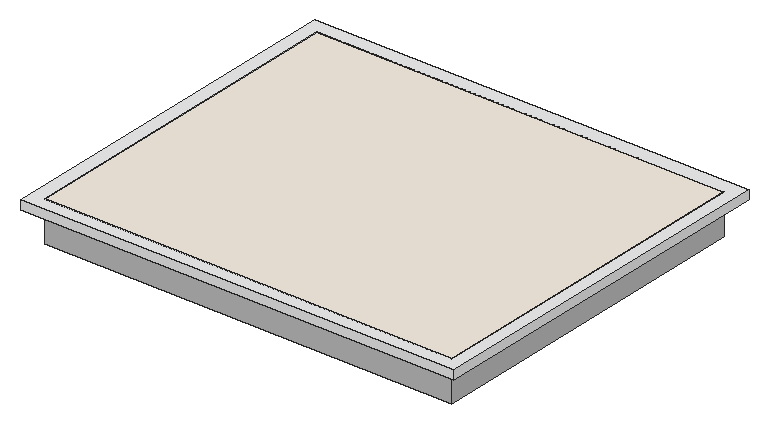
Revit family "Lighting-Industrial-GEWISS-ELIA-HL-LED_HIGHBAY", category Apparecchi per illuminazione, host Superficie, Revit 2019 (continued)
Types (12, lengths in mm): name | Weight (kg): | Weight (kg) | Voltage | Technical sheet | System power | Optic | built-in parameter 1150142 | Lumen output (lm) | Model | IDT | File diagramma fotometrico | Description
  GWF1000QH840 - ELIA HL L2 60° 4000K S.ALONE ON/OFF | "4,3" | "4,3" | "100-240 V " | "https://www.gewiss.com/ww/en/search?q=GWF1100VC869" | "200W" | "60°" | "IESNA:LM-63-1995\r\n[TEST] HB25-120-4080-60D-H00111\r\n[DATE] 27 Nov 2019\r\n[MANUFAC] GEWISS\r\n[LUMCAT] GWF1000QH840\r\n[LUMINAIRE] ELIA HL - L2 60° LED840 200W\r\n[FLASHAREA] 0.013851\r\n[LAMPCAT] LED 200W/27850lm\r\n[LAMP] LED 200W/27850lm\r\nTILT=NONE\r\n1 27850.00 1.0 181 37 1 2 -0.270 0.000 0.000\r\n1.00 1.00 200.00\r\n0.00 0.50 1.00 1.50 2.00 2.50 3.00 3.50 4.00 4.50 5.00 \r\n5.50 6.00 6.50 7.00 7.50 8.00 8.50 9.00 9.50 10.00 10.50 \r\n11.00 11.50 12.00 12.50 13.00 13.50 14.00 14.50 15.00 \r\n15.50 16.00 16.50 17.00 17.50 18.00 18.50 19.00 19.50 \r\n20.00 20.50 21.00 21.50 22.00 22.50 23.00 23.50 24.00 \r\n24.50 25.00 25.50 26.00 26.50 27.00 27.50 28.00 28.50 \r\n29.00 29.50 30.00 30.50 31.00 31.50 32.00 32.50 33.00 \r\n33.50 34.00 34.50 35.00 35.50 36.00 36.50 37.00 37.50 \r\n38.00 38.50 39.00 39.50 40.00 40.50 41.00 41.50 42.00 \r\n42.50 43.00 43.50 44.00 44.50 45.00 45.50 46.00 46.50 \r\n47.00 47.50 48.00 48.50 49.00 49.50 50.00 50.50 51.00 \r\n51.50 52.00 52.50 53.00 53.50 54.00 54.50 55.00 55.50 \r\n56.00 56.50 57.00 57.50 58.00 58.50 59.00 59.50 60.00 \r\n60.50 61.00 61.50 62.00 62.50 63.00 63.50 64.00 64.50 \r\n65.00 65.50 66.00 66.50 67.00 67.50 68.00 68.50 69.00 \r\n69.50 70.00 70.50 71.00 71.50 72.00 72.50 73.00 73.50 \r\n74.00 74.50 75.00 75.50 76.00 76.50 77.00 77.50 78.00 \r\n78.50 79.00 79.50 80.00 80.50 81.00 81.50 82.00 82.50 \r\n83.00 83.50 84.00 84.50 85.00 85.50 86.00 86.50 87.00 \r\n87.50 88.00 88.50 89.00 89.50 90.00 \r\n0.00 2.50 5.00 7.50 10.00 12.50 15.00 17.50 20.00 22.50 \r\n25.00 27.50 30.00 32.50 35.00 37.50 40.00 42.50 45.00 \r\n47.50 50.00 52.50 55.00 57.50 60.00 62.50 65.00 67.50 \r\n70.00 72.50 75.00 77.50 80.00 82.50 85.00 87.50 90.00 \r\n20514.31 20514.31 20505.95 20492.03 20469.75 20441.90 \r\n20414.05 20383.42 20347.21 20308.22 20266.45 20221.89 \r\n20171.76 20118.84 20057.57 19993.51 19921.10 19845.91 \r\n19767.93 19684.38 19598.05 19508.92 19414.24 19319.55 \r\n19222.07 19121.81 19018.76 18910.15 18798.75 18681.78 \r\n18559.24 18431.13 18297.45 18163.77 18027.31 17888.06 \r\n17746.02 17601.20 17453.60 17308.78 17158.39 17002.42 \r\n16838.11 16665.44 16484.42 16295.04 16097.30 15888.43 \r\n15676.76 15462.32 15242.31 15011.15 14774.43 14534.92 \r\n14284.26 14008.55 13716.13 13406.99 13089.50 12772.01 \r\n12451.74 12128.68 11808.40 11493.69 11190.13 10897.71 \r\n10613.64 10337.92 10067.77 9803.20 9538.63 9276.84 \r\n9015.05 8753.26 8497.04 8246.39 8001.31 7756.23 7516.72 \r\n7282.78 7057.19 6837.18 6625.52 6419.43 6218.91 6012.82 \r\n5806.73 5606.21 5414.04 5227.44 5046.42 4873.75 4706.65 \r\n4545.12 4383.59 4222.06 4063.32 3912.93 3768.11 3620.50 \r\n3481.25 3350.36 3227.82 3110.85 2996.66 2890.83 2787.78 \r\n2683.90 2581.97 2488.12 2398.16 2309.04 2221.87 2135.26 \r\n2051.15 1971.78 1895.47 1821.11 1750.37 1686.32 1625.05 \r\n1561.83 1500.56 1445.69 1393.34 1341.81 1291.40 1241.27 \r\n1193.65 1152.43 1112.61 1068.88 1025.72 987.28 950.80 \r\n914.32 880.06 851.65 824.64 795.40 765.04 732.73 699.87 \r\n667.56 637.49 611.86 589.31 568.70 548.64 524.97 501.02 \r\n478.74 458.13 439.19 421.93 406.89 394.91 387.95 381.82 \r\n373.19 360.94 342.00 320.83 300.50 280.17 259.76 238.37 \r\n214.75 189.85 164.09 137.89 111.01 85.95 65.48 48.24 \r\n33.64 22.04 13.82 8.42 5.32 4.70 \r\n20514.31 20514.31 20505.95 20492.03 20471.14 20443.29 \r\n20414.05 20382.02 20348.60 20309.61 20266.45 20221.89 \r\n20171.76 20116.06 20056.18 19989.34 19918.32 19844.52 \r\n19765.15 19681.60 19598.05 19507.53 19415.63 19320.94 \r\n19226.25 19125.99 19020.16 18911.54 18800.14 18683.17 \r\n18560.63 18431.13 18298.84 18165.16 18028.70 17889.45 \r\n17747.41 17602.59 17456.38 17310.17 17159.78 17003.82 \r\n16840.90 16669.62 16488.59 16296.43 16097.30 15889.82 \r\n15676.76 15462.32 15242.31 15012.54 14777.21 14537.70 \r\n14285.66 14011.34 13718.91 13411.17 13095.07 12774.80 \r\n12455.91 12134.25 11818.15 11506.23 11202.66 10908.84 \r\n10626.17 10346.27 10074.74 9808.77 9544.19 9279.62 \r\n9017.83 8756.04 8497.04 8246.39 7999.91 7759.01 7520.89 \r\n7289.74 7064.15 6844.14 6631.09 6424.99 6223.08 6016.99 \r\n5812.30 5610.38 5414.04 5226.05 5043.64 4869.57 4699.69 \r\n4535.37 4375.23 4212.31 4053.57 3903.18 3756.97 3610.75 \r\n3471.50 3343.39 3220.85 3102.49 2991.09 2883.87 2781.10 \r\n2676.94 2575.85 2481.85 2391.76 2303.20 2216.30 2130.11 \r\n2046.14 1966.07 1888.93 1814.43 1743.69 1679.49 1617.81 \r\n1555.14 1494.71 1439.43 1387.07 1335.55 1285.42 1235.70 \r\n1188.36 1147.28 1107.46 1064.57 1022.37 984.36 948.15 \r\n911.53 877.14 847.89 820.32 791.50 761.84 730.64 698.90 \r\n667.29 637.35 611.17 587.50 566.61 546.14 523.02 499.77 \r\n478.18 457.71 438.64 421.51 406.61 394.50 387.12 380.85 \r\n372.63 361.08 342.00 320.55 300.64 280.31 260.11 238.80 \r\n215.14 190.23 164.59 138.65 112.31 87.64 67.02 49.38 \r\n34.39 22.46 14.09 8.61 5.42 4.71 \r\n20514.31 20514.31 20505.95 20492.03 20471.14 20444.69 \r\n20414.05 20383.42 20348.60 20309.61 20266.45 20219.10 \r\n20170.36 20113.27 20052.00 19986.55 19915.53 19840.34 \r\n19760.97 19681.60 19595.26 19507.53 19417.02 19323.72 \r\n19226.25 19127.38 19021.55 18912.94 18801.53 18683.17 \r\n18560.63 18432.52 18298.84 18165.16 18027.31 17888.06 \r\n17746.02 17603.99 17457.77 17311.56 17161.17 17006.60 \r\n16843.68 16671.01 16489.99 16297.82 16098.69 15889.82 \r\n15676.76 15460.93 15240.91 15013.94 14778.60 14539.09 \r\n14287.05 14012.73 13721.69 13413.95 13096.46 12777.58 \r\n12455.91 12138.42 11825.11 11515.98 11213.80 10921.38 \r\n10635.91 10354.63 10080.31 9811.56 9548.37 9282.41 \r\n9017.83 8756.04 8497.04 8244.99 7999.91 7757.62 7522.29 \r\n7292.52 7066.94 6849.71 6636.66 6430.57 6227.26 6019.78 \r\n5812.30 5610.38 5412.65 5223.27 5039.46 4862.61 4691.33 \r\n4527.02 4364.10 4201.17 4042.43 3892.04 3745.83 3601.01 \r\n3463.15 3333.65 3212.50 3094.14 2982.74 2875.51 2772.33 \r\n2669.00 2568.74 2474.61 2384.10 2295.81 2209.62 2123.84 \r\n2040.29 1959.53 1881.69 1807.05 1736.59 1671.97 1610.15 \r\n1547.90 1488.03 1432.88 1380.25 1329.00 1278.87 1229.58 \r\n1182.79 1141.43 1101.75 1059.55 1018.20 980.88 944.81 \r\n908.61 874.07 843.99 815.59 787.04 758.22 728.00 697.50 \r\n666.59 636.79 610.05 585.55 564.10 543.63 520.93 498.51 \r\n477.07 456.88 437.94 420.81 406.05 394.08 386.56 380.01 \r\n372.08 360.80 341.86 320.41 300.64 280.59 260.40 239.18 \r\n215.48 190.55 165.03 139.31 113.45 89.13 68.33 50.34 \r\n35.04 22.83 14.33 8.78 5.50 4.72 \r\n20514.31 20514.31 20505.95 20493.42 20472.54 20444.69 \r\n20415.44 20383.42 20347.21 20308.22 20265.05 20217.71 \r\n20167.58 20110.49 20047.82 19982.38 19912.75 19837.56 \r\n19759.58 19677.42 19595.26 19507.53 19417.02 19323.72 \r\n19227.64 19127.38 19024.34 18915.72 18801.53 18684.56 \r\n18560.63 18431.13 18298.84 18163.77 18027.31 17888.06 \r\n17747.41 17602.59 17457.77 17312.95 17162.56 17008.00 \r\n16845.07 16672.40 16489.99 16297.82 16097.30 15889.82 \r\n15676.76 15459.54 15239.52 15012.54 14778.60 14539.09 \r\n14288.44 14014.12 13721.69 13415.35 13097.86 12777.58 \r\n12457.31 12141.21 11830.68 11524.33 11222.16 10929.73 \r\n10644.27 10361.59 10084.49 9814.34 9548.37 9282.41 \r\n9017.83 8753.26 8494.25 8242.21 7998.52 7757.62 7523.68 \r\n7295.31 7071.12 6852.49 6640.83 6433.35 6228.65 6019.78 \r\n5812.30 5608.99 5409.86 5219.09 5033.89 4855.65 4682.98 \r\n4515.88 4351.56 4188.64 4028.50 3878.11 3733.29 3591.26 \r\n3453.40 3323.90 3201.36 3085.78 2972.99 2865.77 2762.58 \r\n2659.95 2560.39 2466.26 2375.61 2287.60 2201.82 2116.74 \r\n2033.33 1952.15 1873.75 1799.39 1729.07 1664.04 1601.93 \r\n1540.38 1481.06 1425.78 1373.14 1321.90 1272.19 1223.17 \r\n1176.66 1135.31 1095.62 1054.26 1013.88 976.84 941.19 \r\n905.13 870.59 839.96 810.71 782.31 754.04 724.94 695.55 \r\n665.34 635.95 608.80 583.60 561.60 540.85 518.57 496.70 \r\n475.82 455.90 437.11 420.12 405.64 393.80 386.14 379.32 \r\n371.38 360.38 341.44 320.00 300.36 280.62 260.62 239.48 \r\n215.74 190.80 165.39 139.86 114.41 90.42 69.43 51.12 \r\n35.56 23.14 14.54 8.93 5.58 4.73 \r\n20514.31 20514.31 20505.95 20492.03 20472.54 20446.08 \r\n20415.44 20383.42 20348.60 20308.22 20262.27 20216.31 \r\n20164.79 20107.70 20045.04 19979.59 19909.97 19834.77 \r\n19756.79 19676.03 19591.08 19506.14 19417.02 19325.12 \r\n19229.03 19130.17 19024.34 18915.72 18801.53 18684.56 \r\n18560.63 18431.13 18297.45 18162.38 18027.31 17888.06 \r\n17747.41 17602.59 17457.77 17312.95 17162.56 17008.00 \r\n16846.47 16673.80 16489.99 16297.82 16097.30 15888.43 \r\n15673.98 15459.54 15239.52 15012.54 14780.00 14539.09 \r\n14287.05 14014.12 13723.09 13415.35 13099.25 12777.58 \r\n12457.31 12143.99 11836.25 11531.29 11231.91 10939.48 \r\n10649.84 10365.77 10087.27 9817.13 9548.37 9282.41 \r\n9016.44 8750.47 8490.07 8239.42 7995.74 7756.23 7523.68 \r\n7295.31 7073.90 6855.28 6642.23 6434.74 6228.65 6019.78 \r\n5810.90 5606.21 5407.08 5214.91 5026.93 4847.29 4673.23 \r\n4504.74 4339.03 4176.11 4015.97 3865.58 3722.15 3580.12 \r\n3443.65 3314.15 3193.00 3074.64 2963.24 2856.02 2752.14 \r\n2650.21 2551.48 2457.21 2366.28 2278.69 2193.33 2108.80 \r\n2025.81 1944.07 1865.53 1791.45 1721.27 1655.82 1593.58 \r\n1532.59 1473.82 1418.82 1365.90 1314.80 1265.23 1216.63 \r\n1170.40 1129.04 1089.35 1048.69 1009.01 972.52 937.29 \r\n901.50 866.83 835.64 805.98 777.43 749.44 721.45 693.19 \r\n663.80 634.98 607.27 581.51 559.09 537.92 516.20 494.89 \r\n474.29 454.65 436.13 419.28 405.36 393.66 385.72 378.62 \r\n370.82 359.96 341.02 319.58 300.22 280.67 260.77 239.68 \r\n215.93 190.97 165.64 140.29 115.20 91.49 70.34 51.75 \r\n35.98 23.39 14.73 9.06 5.65 4.74 \r\n20514.31 20514.31 20505.95 20492.03 20472.54 20446.08 \r\n20416.84 20383.42 20347.21 20306.83 20262.27 20213.53 \r\n20162.01 20103.52 20040.86 19975.41 19905.79 19831.99 \r\n19755.40 19673.24 19591.08 19504.75 19417.02 19325.12 \r\n19230.42 19131.56 19025.73 18917.11 18802.93 18683.17 \r\n18559.24 18431.13 18297.45 18162.38 18024.52 17886.66 \r\n17746.02 17603.99 17457.77 17312.95 17162.56 17008.00 \r\n16847.86 16675.19 16489.99 16297.82 16095.91 15888.43 \r\n15673.98 15458.14 15238.13 15012.54 14780.00 14540.49 \r\n14287.05 14012.73 13721.69 13415.35 13097.86 12778.97 \r\n12458.70 12148.17 11840.43 11536.86 11238.87 10946.44 \r\n10656.80 10369.95 10088.66 9815.73 9546.98 9278.23 \r\n9012.26 8747.69 8485.90 8236.64 7992.95 7754.83 7522.29 \r\n7296.70 7073.90 6856.67 6643.62 6434.74 6227.26 6016.99 \r\n5809.51 5603.42 5402.90 5207.95 5019.96 4838.94 4664.88 \r\n4493.60 4327.89 4162.18 4004.83 3853.05 3711.01 3568.98 \r\n3432.51 3304.40 3183.26 3064.89 2952.10 2846.27 2741.28 \r\n2640.04 2542.01 2447.60 2356.39 2269.22 2184.41 2100.17 \r\n2017.59 1935.85 1856.90 1783.10 1713.47 1647.75 1585.22 \r\n1524.65 1466.58 1411.44 1358.52 1307.56 1258.26 1209.94 \r\n1164.13 1122.49 1082.81 1042.70 1003.99 967.93 932.98 \r\n897.61 863.21 831.32 801.11 772.42 744.71 717.56 690.40 \r\n661.99 633.73 605.74 579.42 556.58 535.28 513.83 493.08 \r\n472.89 453.54 435.02 418.45 404.80 393.66 385.30 377.79 \r\n369.99 359.27 340.33 319.02 299.81 280.59 260.83 239.80 \r\n216.03 191.06 165.82 140.61 115.83 92.35 71.05 52.20 \r\n36.29 23.60 14.88 9.18 5.71 4.74 \r\n20514.31 20514.31 20505.95 20492.03 20472.54 20447.47 \r\n20416.84 20383.42 20345.82 20305.44 20260.88 20212.14 \r\n20159.22 20100.74 20038.08 19972.63 19901.61 19829.20 \r\n19752.61 19671.85 19589.69 19504.75 19417.02 19326.51 \r\n19231.82 19131.56 19027.12 18918.51 18802.93 18684.56 \r\n18560.63 18431.13 18298.84 18162.38 18024.52 17886.66 \r\n17746.02 17603.99 17459.17 17314.35 17163.95 17009.39 \r\n16849.25 16675.19 16491.38 16297.82 16095.91 15887.03 \r\n15673.98 15456.75 15236.74 15013.94 14780.00 14540.49 \r\n14287.05 14011.34 13721.69 13415.35 13097.86 12778.97 \r\n12460.09 12149.56 11844.61 11543.83 11245.83 10952.01 \r\n10660.98 10372.73 10090.06 9814.34 9545.59 9276.84 \r\n9009.48 8744.90 8483.11 8232.46 7990.16 7753.44 7522.29 \r\n7295.31 7073.90 6856.67 6643.62 6433.35 6225.87 6014.21 \r\n5805.33 5599.24 5397.33 5200.99 5011.61 4830.58 4655.13 \r\n4482.46 4315.36 4151.04 3990.91 3840.52 3697.09 3556.45 \r\n3422.77 3294.66 3172.12 3055.15 2942.35 2833.74 2730.41 \r\n2629.74 2532.40 2437.71 2346.36 2259.47 2175.09 2091.40 \r\n2009.10 1927.36 1848.40 1775.02 1705.67 1639.81 1577.01 \r\n1516.99 1459.48 1404.34 1351.42 1300.46 1251.44 1203.54 \r\n1158.00 1116.23 1076.40 1036.86 998.84 963.33 928.80 \r\n893.71 859.45 827.14 796.37 767.41 739.97 713.52 687.34 \r\n659.91 632.33 604.21 577.47 554.08 532.49 511.33 491.00 \r\n471.08 452.14 433.90 417.47 404.52 393.66 385.03 377.23 \r\n369.29 358.43 339.49 318.19 299.39 280.34 260.77 239.77 \r\n216.02 191.06 165.89 140.81 116.30 93.03 71.59 52.51 \r\n36.50 23.75 15.01 9.28 5.77 4.73 \r\n20514.31 20514.31 20505.95 20492.03 20472.54 20447.47 \r\n20415.44 20383.42 20345.82 20304.04 20259.48 20209.35 \r\n20156.44 20096.56 20033.90 19968.45 19900.22 19826.42 \r\n19749.83 19670.45 19588.30 19503.35 19417.02 19327.90 \r\n19231.82 19132.95 19029.90 18918.51 18802.93 18684.56 \r\n18560.63 18431.13 18298.84 18160.99 18023.13 17885.27 \r\n17746.02 17605.38 17460.56 17314.35 17165.35 17010.78 \r\n16849.25 16676.58 16489.99 16296.43 16095.91 15887.03 \r\n15672.59 15456.75 15236.74 15013.94 14782.78 14540.49 \r\n14287.05 14011.34 13721.69 13415.35 13099.25 12780.36 \r\n12462.88 12153.74 11848.78 11549.40 11251.40 10956.19 \r\n10665.16 10375.52 10090.06 9814.34 9544.19 9274.05 \r\n9005.30 8740.72 8480.33 8229.68 7987.38 7750.66 7519.50 \r\n7293.91 7072.51 6855.28 6642.23 6430.57 6221.69 6010.03 \r\n5799.76 5592.28 5391.76 5194.03 5003.25 4822.23 4645.38 \r\n4472.71 4304.22 4138.51 3978.37 3829.38 3685.95 3546.70 \r\n3411.63 3284.91 3160.98 3045.40 2932.61 2823.99 2719.55 \r\n2619.43 2522.65 2427.68 2336.06 2249.58 2165.76 2082.62 \r\n2000.60 1919.00 1840.05 1767.08 1698.29 1632.15 1569.07 \r\n1509.47 1452.52 1397.37 1344.46 1293.77 1244.76 1197.27 \r\n1151.74 1109.82 1070.00 1031.15 993.83 958.74 924.48 \r\n889.95 855.83 823.11 791.91 762.81 735.10 709.48 684.14 \r\n657.82 630.66 602.53 575.38 551.71 529.85 508.96 489.05 \r\n469.41 450.75 432.65 416.50 404.10 393.66 384.89 376.53 \r\n368.32 357.32 338.66 317.49 298.83 280.20 260.58 239.61 \r\n215.89 191.00 165.87 140.88 116.62 93.52 71.95 52.68 \r\n36.62 23.87 15.10 9.36 5.81 4.73 \r\n20514.31 20514.31 20504.56 20492.03 20472.54 20446.08 \r\n20416.84 20382.02 20344.42 20302.65 20258.09 20207.96 \r\n20155.05 20093.78 20029.72 19965.67 19897.43 19823.63 \r\n19747.04 19669.06 19586.90 19503.35 19418.41 19327.90 \r\n19233.21 19134.34 19029.90 18918.51 18804.32 18684.56 \r\n18560.63 18432.52 18298.84 18162.38 18024.52 17885.27 \r\n17747.41 17605.38 17461.95 17315.74 17165.35 17012.17 \r\n16852.03 16677.97 16492.77 16299.21 16097.30 15888.43 \r\n15675.37 15459.54 15238.13 15015.33 14784.17 14543.27 \r\n14288.44 14012.73 13721.69 13415.35 13100.64 12783.15 \r\n12465.66 12157.92 11854.35 11553.57 11256.97 10961.76 \r\n10667.94 10376.91 10090.06 9814.34 9542.80 9271.26 \r\n9003.91 8736.55 8477.54 8226.89 7984.60 7747.87 7519.50 \r\n7292.52 7071.12 6852.49 6640.83 6427.78 6217.51 6004.46 \r\n5794.19 5588.10 5384.80 5187.06 4994.90 4812.48 4635.63 \r\n4462.96 4291.69 4127.37 3968.63 3816.84 3674.81 3536.95 \r\n3401.88 3275.16 3152.62 3035.65 2924.25 2814.24 2709.25 \r\n2609.55 2513.18 2418.08 2326.31 2239.98 2156.43 2073.71 \r\n1992.25 1910.79 1832.11 1759.56 1691.19 1624.91 1561.55 \r\n1502.51 1445.97 1390.83 1337.91 1287.23 1238.63 1191.28 \r\n1146.17 1103.97 1064.01 1025.72 988.95 954.14 920.30 \r\n886.19 852.35 819.35 787.74 758.22 730.64 705.58 680.93 \r\n655.45 629.27 601.00 573.43 549.62 527.48 506.73 487.10 \r\n467.74 449.36 431.54 415.52 403.69 393.80 384.75 375.84 \r\n367.34 356.20 337.40 316.52 298.27 279.75 260.27 239.27 \r\n215.63 190.80 165.74 140.85 116.78 93.84 72.13 52.72 \r\n36.66 23.94 15.18 9.43 5.85 4.73 \r\n20514.31 20512.92 20504.56 20492.03 20472.54 20446.08 \r\n20416.84 20382.02 20345.82 20302.65 20256.70 20206.57 \r\n20150.87 20092.38 20028.33 19964.27 19894.65 19822.24 \r\n19747.04 19667.67 19585.51 19503.35 19418.41 19327.90 \r\n19234.60 19135.74 19029.90 18919.90 18804.32 18684.56 \r\n18560.63 18432.52 18300.24 18163.77 18024.52 17886.66 \r\n17747.41 17608.16 17463.34 17318.52 17168.13 17014.96 \r\n16853.43 16679.37 16494.16 16300.60 16098.69 15889.82 \r\n15
